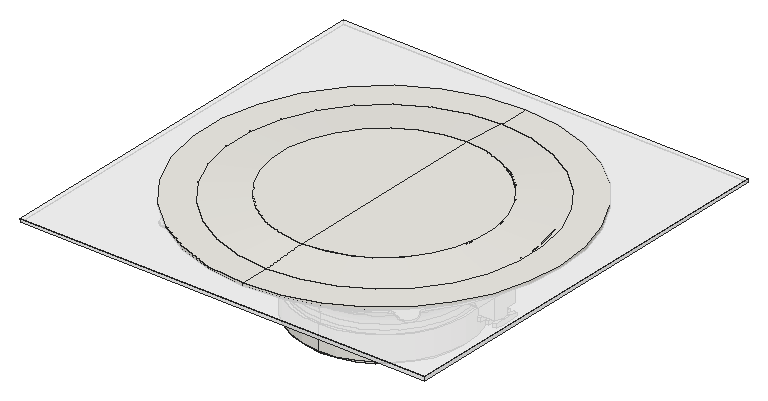
Revit family "PC-2852", category Communication Devices, host Face, Revit 2016
Family settings
  Host = Face
  Maintain Annotation Orientation = No
  Part Type = Normal
  Round Connector Dimension = Use Diameter
  OmniClass Number = 23.85.10.11.14
  OmniClass Title = Audio Equipment
  Cut with Voids When Loaded = Yes
  Shared = No
  Room Calculation Point = No
Parameters (values of type "PC-2852")
  r1 = Radius / 1.2  # 116.667 mm
  Weight = "1.6kg (3.53 lb)"
  URL = "http://toa.com.sg"
  Speaker Mounting Method = "Spring clamp"
  Speaker Component = "8\"(20cm) coaxial cone-type"
  Sensitivity = "96dB (1W, 1m)  (500 – 5,000Hz, pink noise)"
  Rated Input = "15W (100V line, 70V line)"
  Rated Impedance = "100V LINE: 670Ω (15W), 1kΩ (10W), 2kΩ (5W),3.3kΩ (3W),70V LINE: 330Ω (15W), 670Ω (7.5W), 1kΩ (5W), 2kΩ (2.5W), 3.3kΩ (1.5W)"
  Radius = Diameter / 2  # 140 mm
  Model Type = "Ceiling Mount Speakers"
  Model By = "BIMLIFE PTE LTD"  # constant formula
  Model = "PC-2852"
  Mesh = Mesh
  Manufacturer = "TOA Electronics Pte Ltd"  # constant formula
  Supplier Tel = "+65 6835 9119"  # constant formula
  Supplier Fax = "+65 6835 9559"  # constant formula
  Supplier Address = "491B River Valley Road, #19-03/04 Valley Point Office Tower, Singapore 248373"  # constant formula
  Supplier = "TOA Electronics Pte Ltd"  # constant formula
  Suppiler Email = "http://toa.com.sg"  # constant formula
  Material = OFF-WHITE
  Frequency Response = "45 – 20,000 Hz (peak -20dB)"
  Finish = "Baffle: Steel plate, off-white (RAL 9010 or equivalent colour), paint/Grille: Surface-treated steel plate net, off-white (RAL 9010 or equivalent colour), paint"
  Dimensions for fixing Hole = "Mounting hole: ø250 ±3mm (ø9.84\" ±0.12\"), Ceiling thickness: 5 – 25mm (0.2\" – 0.98\")"
  Dimension = "ø280 × 92(D)mm (ø11.02\" × 3.62\")"
  Diameter = 280 mm
  Default Elevation = 0 mm
  Copyright To = "TOA Electronics Pte Ltd"  # constant formula
  Connection = "Push-in connector (bridging terminal-2 branch type)"
  Applicable Cable = "600V vinyl-insulated cable (IV wire or HIV wire), Solid copper wire: ø0.8 – ø1.6mm (equivalent to AWG 20 – 14), 7-core twisted copper wire: 0.75 – 1.25mm2 (equivalent to AWG 18 – 16)"
Types (2, lengths in mm): name | r1 | Weight | Speaker Component | Sensitivity | Rated Input | Rated Impedance | Radius | Model Type | Model | Mesh | Frequency Response | Finish | Dimensions for fixing Hole | Dimension | Diameter | Connection | Applicable Cable
  PC-2852 | 116.667 | "1.6kg (3.53 lb)" | "8\"(20cm) coaxial cone-type" | "96dB (1W, 1m)  (500 – 5,000Hz, pink noise)" | "15W (100V line, 70V line)" | "100V LINE: 670Ω (15W), 1kΩ (10W), 2kΩ (5W),3.3kΩ (3W),70V LINE: 330Ω (15W), 670Ω (7.5W), 1kΩ (5W), 2kΩ (2.5W), 3.3kΩ (1.5W)" | 140 | "Ceiling Mount Speakers" | "PC-2852" | Mesh | "45 – 20,000 Hz (peak -20dB)" | "Baffle: Steel plate, off-white (RAL 9010 or equivalent colour), paint/Grille: Surface-treated steel plate net, off-white (RAL 9010 or equivalent colour), paint" | "Mounting hole: ø250 ±3mm (ø9.84\" ±0.12\"), Ceiling thickness: 5 – 25mm (0.2\" – 0.98\")" | "ø280 × 92(D)mm (ø11.02\" × 3.62\")" | 280 | "Push-in connector (bridging terminal-2 branch type)" | "600V vinyl-insulated cable (IV wire or HIV wire), Solid copper wire: ø0.8 – ø1.6mm (equivalent to AWG 20 – 14), 7-core twisted copper wire: 0.75 – 1.25mm2 (equivalent to AWG 18 – 16)"
  PC-658R | 80 | "500g" | "16cm (6\") cone-type" | "90dB (1W, 1m)" | "6W (100V line), 3W (70V line)" | "100V line: 1.7 kΩ (6W), 3.3KΩ (3W), 10kΩ (1W)\r\n70V line: 1.7kΩ (3W), 3.3kΩ (1.5W), 10kΩ (0.5W)" | 96 | "" | "PC-658R" | OFF-WHITE | "65– 18,000Hz" | "Baffle: Polyropylene resin, off-white paint\r\nGrille: Surface-treated steel plate net, off-white paint" | "Mounting hole: ø170 ± 5mm (ø6.69\"±0.2\")\r\nCeiling thickness: 5 – 25mm (0.2 – 0.98\")" | "ø192 x 73(D) mm" | 192 | "" | ""
Reference planes
  plane 1 "Center (Front/Back)": y = 0
  plane 2: z = 0
  plane 3 "Center (Left/Right)": x = 0
Forms (mm)
  Extrusion 1, solid, material "Surface"
    sketch origin (1.238, -13.929, 0) x (1, 0, 0) y (0, 1, 0)
      loop
        line (-161.238, 173.929) -> (-161.238, -146.071) -> (158.762, -146.071) -> (158.762, 173.929) -> (-161.238, 173.929)
    from 0 to -3
  Revolve 2, solid, material "Mesh" <- "Mesh"
    sketch origin (0, 0, 0) x (0, 1, 0) y (0, 0, 1)
      loop
        line (0, 1.8) -> (0, 4.2) -> (-81.667, 4.2)
        arc (-81.667, 4.2) -> (-99.208, 3.599) -> (-116.667, 1.8) r 256.408
        line (-116.667, 1.8) -> (0, 1.8)
      axis (0, 4.2) -> (0, 1.8)
    angle from 0 to 360
  Extrusion 3, solid, not visible
    sketch origin (43, 0, 0) x (0, -1, 0) y (0, 0, 1)
      loop
        line (-11, -15.693) -> (-11, -25.693) -> (12, -25.693) -> (12, -15.693) -> (-11, -15.693)
      loop
        circle (5.25, -20.693) r 2.5
      loop
        circle (0.5, -23.193) r 1.5
      loop
        circle (10, -23.193) r 1.5
      loop
        circle (0.5, -18.193) r 1.5
      loop
        circle (10, -18.193) r 1.5
      loop
        circle (-4.25, -20.693) r 2.5
      loop
        circle (-9, -23.193) r 1.5
      loop
        circle (-9, -18.193) r 1.5
    from -6 to -8.973
  Extrusion 4, solid, not visible
    sketch origin (43, 0, 0) x (0, -1, 0) y (0, 0, 1)
      loop
        line (-11, -15.693) -> (-11, -25.693) -> (12, -25.693) -> (12, -15.693) -> (-11, -15.693)
    from 0 to -6
  Extrusion 5, void
    sketch origin (0, 0, 0) x (-1, 0, 0) y (0, -1, 0)
      loop
        arc (30.881, 62.82) -> (34.541, 62.524) -> (37.417, 64.807) r 5
        line (37.417, 64.807) -> (50.922, 88.2)
        arc (50.922, 88.2) -> (51.388, 92.112) -> (48.877, 95.147) r 5
        arc (48.877, 95.147) -> (0, 106.967) -> (-48.877, 95.147) r 106.967
        arc (-48.877, 95.147) -> (-51.388, 92.112) -> (-50.922, 88.2) r 5
        line (-50.922, 88.2) -> (-37.417, 64.807)
        arc (-37.417, 64.807) -> (-34.541, 62.524) -> (-30.881, 62.82) r 5
        arc (-30.881, 62.82) -> (0, 70) -> (30.881, 62.82) r 70
    from -62.399 to -5.706
  Revolve 6, solid, material "OFF-WHITE" <- "Material"
    sketch origin (0, 0, 0) x (0, 1, 0) y (0, 0, 1)
      loop
        line (0, -79.325) -> (0, 0) -> (0, 1.8) -> (-140, 1.8) -> (-140, 0) -> (-112.895, 0)
        spline (-112.895, 0) -> (-105.857, -9.647) -> (-99.886, -17.253) -> (-94.666, -23.215) -> (-89.879, -27.933) -> (-85.21, -31.805) -> (-80.525, -35.154) -> (-75.949, -38.196) -> (-71.631, -41.14) -> (-67.72, -44.202) -> (-64.478, -48) -> (-62.308, -53.674) -> (-61.625, -62.399)
        line (-61.625, -62.399) -> (-61.625, -79.325) -> (0, -79.325)
      axis (0, 1.8) -> (0, -79.325)
    angle from 0 to 360
  Revolve 7, solid, material "OFF-WHITE" <- "Material"
    sketch origin (0, 0, 0) x (0, 1, 0) y (0, 0, 1)
      loop
        line (0, -81.413) -> (0, -79.325) -> (-61.8, -79.325) -> (-61.8, -57.367)
        spline (-61.8, -57.367) -> (-63.328, -50.679) -> (-66.1, -46.121) -> (-69.498, -42.929) -> (-72.949, -40.371) -> (-76.333, -38.027) -> (-79.781, -35.652) -> (-83.432, -33.008) -> (-87.419, -29.852) -> (-91.801, -25.972) -> (-96.546, -21.186) -> (-101.614, -15.314) -> (-106.967, -8.176)
        line (-106.967, -8.176) -> (-126.967, -8.176) -> (-126.967, -9.176) -> (-116.997, -9.176)
        arc (-116.997, -9.176) -> (-108.484, -11.085) -> (-101.601, -16.447) r 19.936
        arc (-101.601, -16.447) -> (-91.553, -26.955) -> (-80.053, -35.849) r 97.392
        arc (-80.053, -35.849) -> (-73.886, -40.122) -> (-67.917, -44.666) r 167.848
        arc (-67.917, -44.666) -> (-64.626, -48.558) -> (-63.069, -53.412) r 13.099
        arc (-63.069, -53.412) -> (-62.926, -55.602) -> (-63, -57.795) r 22.238
        line (-63, -57.795) -> (-63, -60.311) -> (-65, -60.311) -> (-65, -79.325) -> (-63, -79.325) -> (-63, -81.413) -> (0, -81.413)
      axis (0, -8.176) -> (0, -81.413)
    angle from 0 to 360
  Extrusion 8, void
    sketch origin (0, 0, 0) x (-1, 0, 0) y (0, -1, 0)
      loop
        arc (30.881, -62.82) -> (0, -70) -> (-30.881, -62.82) r 70
        arc (-30.881, -62.82) -> (-34.541, -62.524) -> (-37.417, -64.807) r 5
        line (-37.417, -64.807) -> (-50.922, -88.2)
        arc (-50.922, -88.2) -> (-51.388, -92.112) -> (-48.877, -95.147) r 5
        arc (-48.877, -95.147) -> (0, -106.967) -> (48.877, -95.147) r 106.967
        arc (48.877, -95.147) -> (51.388, -92.112) -> (50.922, -88.2) r 5
        line (50.922, -88.2) -> (37.417, -64.807)
        arc (37.417, -64.807) -> (34.541, -62.524) -> (30.881, -62.82) r 5
    from -62.399 to -5.706
  Extrusion 9, void
    sketch origin (0, 0, 0) x (0, 1, 0) y (-1, 0, 0)
      loop
        arc (30.881, -62.82) -> (0, -70) -> (-30.881, -62.82) r 70
        arc (-30.881, -62.82) -> (-34.541, -62.524) -> (-37.417, -64.807) r 5
        line (-37.417, -64.807) -> (-50.922, -88.2)
        arc (-50.922, -88.2) -> (-51.388, -92.112) -> (-48.877, -95.147) r 5
        arc (-48.877, -95.147) -> (0, -106.967) -> (48.877, -95.147) r 106.967
        arc (48.877, -95.147) -> (51.388, -92.112) -> (50.922, -88.2) r 5
        line (50.922, -88.2) -> (37.417, -64.807)
        arc (37.417, -64.807) -> (34.541, -62.524) -> (30.881, -62.82) r 5
    from -62.399 to -5.706
  Extrusion 10, void
    sketch origin (0, 0, 0) x (0, 1, 0) y (-1, 0, 0)
      loop
        arc (30.881, 62.82) -> (34.541, 62.524) -> (37.417, 64.807) r 5
        line (37.417, 64.807) -> (50.922, 88.2)
        arc (50.922, 88.2) -> (51.388, 92.112) -> (48.877, 95.147) r 5
        arc (48.877, 95.147) -> (0, 106.967) -> (-48.877, 95.147) r 106.967
        arc (-48.877, 95.147) -> (-51.388, 92.112) -> (-50.922, 88.2) r 5
        line (-50.922, 88.2) -> (-37.417, 64.807)
        arc (-37.417, 64.807) -> (-34.541, 62.524) -> (-30.881, 62.82) r 5
        arc (-30.881, 62.82) -> (0, 70) -> (30.881, 62.82) r 70
    from -62.399 to -5.706
  Extrusion 11, solid, material "OFF-WHITE" <- "Material"
    sketch origin (0, 0, 1.8) x (-0.707107, 0.707107, 0) y (-0.707107, -0.707107, 0)
      loop
        arc (10.995, -126.49) -> (0, -126.967) -> (-10.995, -126.49) r 126.967
        arc (-10.995, -126.49) -> (-8.86, -127.895) -> (-7.809, -130.224) r 4.585
        spline (-7.809, -130.224) -> (-7.224, -132.879) -> (-6.273, -135.262) -> (-5.005, -137.254) -> (-3.484, -138.753) -> (-1.787, -139.684) -> (0, -140) -> (1.787, -139.684) -> (3.484, -138.753) -> (5.005, -137.254) -> (6.273, -135.262) -> (7.224, -132.879) -> (7.809, -130.224)
        arc (7.809, -130.224) -> (8.86, -127.895) -> (10.995, -126.49) r 4.585
    from -10.976 to -9.976
  Extrusion 12, solid, material "OFF-WHITE" <- "Material"
    sketch origin (0, 0, 1.8) x (-0.707107, 0.707107, 0) y (-0.707107, -0.707107, 0)
      loop
        arc (10.995, 126.49) -> (8.86, 127.895) -> (7.809, 130.224) r 4.585
        spline (7.809, 130.224) -> (7.224, 132.879) -> (6.273, 135.262) -> (5.005, 137.254) -> (3.484, 138.753) -> (1.787, 139.684) -> (0, 140) -> (-1.787, 139.684) -> (-3.484, 138.753) -> (-5.005, 137.254) -> (-6.273, 135.262) -> (-7.224, 132.879) -> (-7.809, 130.224)
        arc (-7.809, 130.224) -> (-8.86, 127.895) -> (-10.995, 126.49) r 4.585
        arc (-10.995, 126.49) -> (0, 126.967) -> (10.995, 126.49) r 126.967
    from -10.976 to -9.976
  Extrusion 13, solid, material "OFF-WHITE" <- "Material"
    sketch origin (0, 0, 1.8) x (0.707107, 0.707107, 0) y (-0.707107, 0.707107, 0)
      loop
        arc (10.995, 126.49) -> (8.86, 127.895) -> (7.809, 130.224) r 4.585
        spline (7.809, 130.224) -> (7.224, 132.879) -> (6.273, 135.262) -> (5.005, 137.254) -> (3.484, 138.753) -> (1.787, 139.684) -> (0, 140) -> (-1.787, 139.684) -> (-3.484, 138.753) -> (-5.005, 137.254) -> (-6.273, 135.262) -> (-7.224, 132.879) -> (-7.809, 130.224)
        arc (-7.809, 130.224) -> (-8.86, 127.895) -> (-10.995, 126.49) r 4.585
        arc (-10.995, 126.49) -> (0, 126.967) -> (10.995, 126.49) r 126.967
    from -10.976 to -9.976
  Extrusion 14, solid, material "OFF-WHITE" <- "Material"
    sketch origin (0, 0, 1.8) x (0.707107, 0.707107, 0) y (-0.707107, 0.707107, 0)
      loop
        arc (10.995, -126.49) -> (0, -126.967) -> (-10.995, -126.49) r 126.967
        arc (-10.995, -126.49) -> (-8.86, -127.895) -> (-7.809, -130.224) r 4.585
        spline (-7.809, -130.224) -> (-7.224, -132.879) -> (-6.273, -135.262) -> (-5.005, -137.254) -> (-3.484, -138.753) -> (-1.787, -139.684) -> (0, -140) -> (1.787, -139.684) -> (3.484, -138.753) -> (5.005, -137.254) -> (6.273, -135.262) -> (7.224, -132.879) -> (7.809, -130.224)
        arc (7.809, -130.224) -> (8.86, -127.895) -> (10.995, -126.49) r 4.585
    from -10.976 to -9.976
  Extrusion 15, solid, material "OFF-WHITE" <- "Material"
    sketch origin (0, 0, 0) x (0, 1, 0) y (0, 0, 1)
      loop
        line (40.808, -28.268) -> (49.711, -9.176) -> (48.607, -9.176) -> (39.901, -27.845)
        arc (39.901, -27.845) -> (39.163, -28.687) -> (38.089, -29) r 2
        line (38.089, -29) -> (-38.089, -29)
        arc (-38.089, -29) -> (-39.163, -28.687) -> (-39.901, -27.845) r 2
        line (-39.901, -27.845) -> (-48.607, -9.176) -> (-49.711, -9.176) -> (-40.808, -28.268)
        arc (-40.808, -28.268) -> (-39.701, -29.53) -> (-38.089, -30) r 3
        line (-38.089, -30) -> (38.089, -30)
        arc (38.089, -30) -> (39.701, -29.53) -> (40.808, -28.268) r 3
    from -113.204 to -99.503
  Extrusion 16, solid, material "OFF-WHITE" <- "Material"
    sketch origin (0, 0, 0) x (1, 0, 0) y (0, 0, 1)
      loop
        line (-99.503, -30) -> (-113.204, -30) -> (-113.204, -35) -> (-121.204, -35) -> (-121.204, -61.674) -> (-120.204, -61.674) -> (-120.204, -55) -> (-113.204, -55) -> (-113.204, -62.399) -> (-99.503, -62.399) -> (-99.503, -55) -> (-96.503, -55) -> (-96.503, -35) -> (-99.503, -35) -> (-99.503, -30)
    from -28 to 28
  Extrusion 17, solid, material "OFF-WHITE" <- "Material"
    sketch origin (0, 0, 0) x (0, 1, 0) y (0, 0, -1)
      loop
        arc (31.097, 28.268) -> (29.99, 29.53) -> (28.378, 30) r 3
        line (28.378, 30) -> (-28.378, 30)
        arc (-28.378, 30) -> (-29.99, 29.53) -> (-31.097, 28.268) r 3
        line (-31.097, 28.268) -> (-40, 9.176) -> (40, 9.176) -> (31.097, 28.268)
    from -98.1 to -81.668
  Extrusion 18, solid, material "OFF-WHITE" <- "Material"
    sketch origin (98.1, 0, 0) x (0, -1, 0) y (0, 0, -1)
      loop
        line (10, 30) -> (10, 49.068) -> (1.189, 50.311) -> (-2.578, 50.311) -> (-2.578, 45.363) -> (-10, 44.451) -> (-10, 30) -> (10, 30)
    from -15.549 to -2.905
  Extrusion 19, solid, material "OFF-WHITE" <- "Material"
    sketch origin (97.216, 0, 0) x (0, -1, 0) y (0, 0, -1)
      loop
        line (-10, 53.257) -> (-10, 50.782) -> (-2.578, 49.482) -> (-2.578, 50.311) -> (1.189, 50.311) -> (4.034, 49.91) -> (10, 50.311) -> (10, 53.257) -> (6.486, 53.257) -> (6.486, 52.33) -> (5.559, 52.33) -> (5.559, 53.257) -> (-5.559, 53.257) -> (-5.559, 52.33) -> (-6.486, 52.33) -> (-6.486, 53.257) -> (-10, 53.257)
    from 0 to -3
  Extrusion 20, solid, material "OFF-WHITE" <- "Material"
    sketch origin (90.916, 0, 0) x (0, -1, 0) y (0, 0, -1)
      loop
        line (-10, 53.257) -> (-10, 50.782) -> (-2.578, 49.482) -> (-2.578, 50.311) -> (1.189, 50.311) -> (4.034, 49.91) -> (10, 50.311) -> (10, 53.257) -> (6.486, 53.257) -> (6.486, 52.33) -> (5.559, 52.33) -> (5.559, 53.257) -> (-5.559, 53.257) -> (-5.559, 52.33) -> (-6.486, 52.33) -> (-6.486, 53.257) -> (-10, 53.257)
    from 0 to -3
  Extrusion 21, solid, material "OFF-WHITE" <- "Material"
    sketch origin (84.668, 0, 0) x (0, -1, 0) y (0, 0, -1)
      loop
        line (-10, 53.257) -> (-10, 50.782) -> (-2.578, 49.482) -> (-2.578, 50.311) -> (1.189, 50.311) -> (4.034, 49.91) -> (10, 50.311) -> (10, 53.257) -> (6.486, 53.257) -> (6.486, 52.33) -> (5.559, 52.33) -> (5.559, 53.257) -> (-5.559, 53.257) -> (-5.559, 52.33) -> (-6.486, 52.33) -> (-6.486, 53.257) -> (-10, 53.257)
    from 0 to -3
Cuts and joins
  Extrusion 5, Extrusion 8, Extrusion 9, Extrusion 10 cuts Revolve 7
  joined: Revolve 7, Extrusion 11, Extrusion 12, Extrusion 13, Extrusion 14
  joined: Revolve 6, Extrusion 17, Extrusion 18, Extrusion 19, Extrusion 20, Extrusion 21
Dimensions and locks
  "r1": Revolve 2 sketch curve to Revolve 2 sketch curve
  "Radius": Revolve 6 sketch curve to Revolve 6 sketch curve
  aligned and locked: plane 2 to Extrusion 1
  aligned and locked: level to Extrusion 1
Automatic sketch dimensions
  Extrusion 1 sketch curve to Extrusion 1 sketch curve = 320 mm  (x2)
  Extrusion 5 sketch curve to Extrusion 5 sketch curve = 0 mm  (x4)
  plane 1 "Center (Front/Back)" to Extrusion 5 sketch curve = 0 mm
  Extrusion 5 sketch curve to plane 3 "Center (Left/Right)" = 0 mm
  plane 3 "Center (Left/Right)" to Extrusion 5 sketch curve = 33.086 mm
  Extrusion 5 sketch curve to Extrusion 5 sketch curve = 4.33 mm  (x4)
  Extrusion 5 sketch curve to Extrusion 5 sketch curve = 13.506 mm  (x2)
  Extrusion 5 sketch curve to plane 3 "Center (Left/Right)" = 33.086 mm
  plane 1 "Center (Front/Back)" to Extrusion 5 sketch curve = 64.807 mm  (x2)
  Extrusion 5 sketch curve to Extrusion 5 sketch curve = 2.5 mm  (x4)
  Extrusion 5 sketch curve to Extrusion 5 sketch curve = 23.392 mm  (x2)
  Revolve 7 sketch curve to plane 1 "Center (Front/Back)" = 0 mm  (x2)
  plane 1 "Center (Front/Back)" to Revolve 7 sketch curve = 26.385 mm
  plane 1 "Center (Front/Back)" to Revolve 7 sketch curve = 61.8 mm
  Revolve 7 sketch curve to Revolve 7 sketch curve = 1.2 mm  (x2)
  Revolve 7 sketch curve to Revolve 7 sketch curve = 2 mm
  Revolve 7 sketch curve to Revolve 7 sketch curve = 11.083 mm
  Revolve 7 sketch curve to Revolve 7 sketch curve = 9.079 mm
  Revolve 7 sketch curve to level = 8.176 mm
  Revolve 7 sketch curve to Revolve 7 sketch curve = 21.805 mm
  Revolve 7 sketch curve to Revolve 7 sketch curve = 10.031 mm
  Revolve 7 sketch curve to Revolve 7 sketch curve = 9.969 mm
  Revolve 7 sketch curve to Revolve 7 sketch curve = 107.545 mm
  Revolve 7 sketch curve to level = 9.176 mm
  Revolve 7 sketch curve to Revolve 7 sketch curve = 19.936 mm
  Revolve 7 sketch curve to Revolve 7 sketch curve = 25.797 mm
  Revolve 7 sketch curve to Revolve 7 sketch curve = 1.044 mm
  Revolve 7 sketch curve to Revolve 7 sketch curve = 2.458 mm
  Revolve 7 sketch curve to Revolve 7 sketch curve = 0.428 mm
  Revolve 7 sketch curve to Revolve 7 sketch curve = 2.516 mm
  Revolve 7 sketch curve to Revolve 7 sketch curve = 19.014 mm
  Revolve 7 sketch curve to Revolve 7 sketch curve = 0 mm  (x4)
  Revolve 7 sketch curve to Revolve 7 sketch curve = 2.087 mm
  Revolve 7 sketch curve to Revolve 7 sketch curve = 96.589 mm
  level to Revolve 7 sketch curve = 45.422 mm
  Revolve 7 sketch curve to Revolve 7 sketch curve = 29.387 mm
  Revolve 7 sketch curve to Revolve 7 sketch curve = 11.222 mm
  Extrusion 8 sketch curve to Extrusion 8 sketch curve = 0 mm  (x4)
  plane 1 "Center (Front/Back)" to Extrusion 8 sketch curve = 0 mm
  Extrusion 8 sketch curve to plane 3 "Center (Left/Right)" = 0 mm
  Extrusion 8 sketch curve to plane 3 "Center (Left/Right)" = 33.086 mm
  Extrusion 8 sketch curve to Extrusion 8 sketch curve = 4.33 mm  (x4)
  Extrusion 8 sketch curve to Extrusion 8 sketch curve = 13.506 mm  (x2)
  plane 3 "Center (Left/Right)" to Extrusion 8 sketch curve = 33.086 mm
  plane 1 "Center (Front/Back)" to Extrusion 8 sketch curve = 64.807 mm  (x2)
  Extrusion 8 sketch curve to Extrusion 8 sketch curve = 2.5 mm  (x4)
  Extrusion 8 sketch curve to Extrusion 8 sketch curve = 23.392 mm  (x2)
  Extrusion 9 sketch curve to Extrusion 9 sketch curve = 0 mm  (x4)
  plane 1 "Center (Front/Back)" to Extrusion 9 sketch curve = 0 mm
  Extrusion 9 sketch curve to plane 3 "Center (Left/Right)" = 0 mm
  Extrusion 9 sketch curve to plane 1 "Center (Front/Back)" = 33.086 mm
  Extrusion 9 sketch curve to Extrusion 9 sketch curve = 4.33 mm  (x4)
  Extrusion 9 sketch curve to Extrusion 9 sketch curve = 13.506 mm  (x2)
  plane 1 "Center (Front/Back)" to Extrusion 9 sketch curve = 33.086 mm
  Extrusion 9 sketch curve to plane 3 "Center (Left/Right)" = 64.807 mm  (x2)
  Extrusion 9 sketch curve to Extrusion 9 sketch curve = 2.5 mm  (x4)
  Extrusion 9 sketch curve to Extrusion 9 sketch curve = 23.392 mm  (x2)
  Extrusion 10 sketch curve to Extrusion 10 sketch curve = 0 mm  (x4)
  plane 1 "Center (Front/Back)" to Extrusion 10 sketch curve = 0 mm
  Extrusion 10 sketch curve to plane 3 "Center (Left/Right)" = 0 mm
  plane 1 "Center (Front/Back)" to Extrusion 10 sketch curve = 33.086 mm
  Extrusion 10 sketch curve to Extrusion 10 sketch curve = 4.33 mm  (x4)
  Extrusion 10 sketch curve to Extrusion 10 sketch curve = 13.506 mm  (x2)
  Extrusion 10 sketch curve to plane 1 "Center (Front/Back)" = 33.086 mm
  Extrusion 10 sketch curve to plane 3 "Center (Left/Right)" = 64.807 mm  (x2)
  Extrusion 10 sketch curve to Extrusion 10 sketch curve = 2.5 mm  (x4)
  Extrusion 10 sketch curve to Extrusion 10 sketch curve = 23.392 mm  (x2)
  Extrusion 11 sketch curve to Extrusion 11 sketch curve = 12.348 mm  (x2)
  Extrusion 11 sketch curve to Extrusion 11 sketch curve = 24.696 mm
  Extrusion 11 sketch curve to Extrusion 11 sketch curve = 130.87 mm
  Extrusion 11 sketch curve to Extrusion 11 sketch curve = 0 mm
  Extrusion 11 sketch curve to Extrusion 11 sketch curve = 4.539 mm  (x2)
  Extrusion 11 sketch curve to Extrusion 11 sketch curve = 1.353 mm
  Extrusion 11 sketch curve to Extrusion 11 sketch curve = 11.465 mm
  Extrusion 11 sketch curve to Extrusion 11 sketch curve = 2.711 mm
  Extrusion 12 sketch curve to Extrusion 12 sketch curve = 12.348 mm  (x2)
  Extrusion 12 sketch curve to Extrusion 12 sketch curve = 24.696 mm
  Extrusion 12 sketch curve to Extrusion 12 sketch curve = 130.87 mm
  Extrusion 12 sketch curve to Extrusion 12 sketch curve = 0 mm
  Extrusion 12 sketch curve to Extrusion 12 sketch curve = 4.539 mm  (x2)
  Extrusion 12 sketch curve to Extrusion 12 sketch curve = 1.353 mm
  Extrusion 12 sketch curve to Extrusion 12 sketch curve = 11.465 mm
  Extrusion 12 sketch curve to Extrusion 12 sketch curve = 2.711 mm
  Extrusion 13 sketch curve to Extrusion 13 sketch curve = 12.348 mm  (x2)
  Extrusion 13 sketch curve to Extrusion 13 sketch curve = 24.696 mm
  Extrusion 13 sketch curve to Extrusion 13 sketch curve = 130.87 mm
  Extrusion 13 sketch curve to Extrusion 13 sketch curve = 0 mm
  Extrusion 13 sketch curve to Extrusion 13 sketch curve = 4.539 mm  (x2)
  Extrusion 13 sketch curve to Extrusion 13 sketch curve = 1.353 mm
  Extrusion 13 sketch curve to Extrusion 13 sketch curve = 11.465 mm
  Extrusion 13 sketch curve to Extrusion 13 sketch curve = 2.711 mm
  Extrusion 14 sketch curve to Extrusion 14 sketch curve = 12.348 mm  (x2)
  Extrusion 14 sketch curve to Extrusion 14 sketch curve = 24.696 mm
  Extrusion 14 sketch curve to Extrusion 14 sketch curve = 130.87 mm
  Extrusion 14 sketch curve to Extrusion 14 sketch curve = 0 mm
  Extrusion 14 sketch curve to Extrusion 14 sketch curve = 4.539 mm  (x2)
  Extrusion 14 sketch curve to Extrusion 14 sketch curve = 1.353 mm
  Extrusion 14 sketch curve to Extrusion 14 sketch curve = 11.465 mm
  Extrusion 14 sketch curve to Extrusion 14 sketch curve = 2.711 mm
  Extrusion 15 sketch curve to Extrusion 15 sketch curve = 0 mm  (x4)
  Extrusion 15 sketch curve to level = 9.176 mm  (x2)
  plane 1 "Center (Front/Back)" to Extrusion 15 sketch curve = 49.711 mm
  Extrusion 15 sketch curve to Extrusion 15 sketch curve = 1.103 mm  (x2)
  Extrusion 15 sketch curve to Extrusion 15 sketch curve = 7.799 mm
  Extrusion 15 sketch curve to Extrusion 15 sketch curve = 0.906 mm  (x2)
  Extrusion 15 sketch curve to Extrusion 15 sketch curve = 1.813 mm  (x2)
  Extrusion 15 sketch curve to plane 1 "Center (Front/Back)" = 38.089 mm
  Extrusion 15 sketch curve to level = 27.845 mm
  Extrusion 15 sketch curve to level = 28.268 mm
  Extrusion 15 sketch curve to Extrusion 15 sketch curve = 8.706 mm
  Extrusion 15 sketch curve to Extrusion 15 sketch curve = 19.092 mm
  Extrusion 15 sketch curve to Extrusion 15 sketch curve = 1.155 mm
  Extrusion 16 sketch curve to plane 3 "Center (Left/Right)" = 121.204 mm
  Extrusion 16 sketch curve to Extrusion 16 sketch curve = 1 mm
  Extrusion 16 sketch curve to Extrusion 16 sketch curve = 8 mm
  Extrusion 16 sketch curve to Extrusion 16 sketch curve = 7 mm
  Extrusion 16 sketch curve to Extrusion 16 sketch curve = 13.701 mm  (x2)
  Extrusion 16 sketch curve to Extrusion 16 sketch curve = 3 mm
  Extrusion 16 sketch curve to level = 62.399 mm
  Extrusion 16 sketch curve to Extrusion 16 sketch curve = 0.724 mm
  Extrusion 16 sketch curve to Extrusion 16 sketch curve = 7.399 mm  (x2)
  Extrusion 16 sketch curve to Extrusion 16 sketch curve = 20 mm
  Extrusion 16 sketch curve to Extrusion 16 sketch curve = 0 mm
  Extrusion 16 sketch curve to Extrusion 16 sketch curve = 5 mm
  Extrusion 17 sketch curve to level = 9.176 mm
  plane 1 "Center (Front/Back)" to Extrusion 17 sketch curve = 40 mm
  Extrusion 17 sketch curve to Extrusion 17 sketch curve = 8.903 mm  (x2)
  Extrusion 17 sketch curve to Extrusion 17 sketch curve = 2.719 mm  (x2)
  Extrusion 17 sketch curve to plane 1 "Center (Front/Back)" = 28.378 mm
  Extrusion 17 sketch curve to Extrusion 17 sketch curve = 17.824 mm  (x2)
  Extrusion 17 sketch curve to Extrusion 17 sketch curve = 1.268 mm
  Extrusion 17 to Extrusion 18 sketch curve = 0 mm
  Extrusion 18 sketch curve to Extrusion 17 = 18.388 mm
  Extrusion 18 sketch curve to Extrusion 18 sketch curve = 7.422 mm
  Extrusion 17 to Extrusion 18 sketch curve = 19.068 mm
  Extrusion 18 sketch curve to Extrusion 18 sketch curve = 12.578 mm
  Extrusion 17 to Extrusion 18 sketch curve = 14.451 mm
  Extrusion 18 sketch curve to Extrusion 18 sketch curve = 0.911 mm
  Extrusion 18 sketch curve to Extrusion 18 sketch curve = 4.948 mm
  Extrusion 18 sketch curve to Extrusion 18 sketch curve = 3.767 mm
  Extrusion 19 sketch curve to plane 1 "Center (Front/Back)" = 10 mm
  Extrusion 19 sketch curve to Extrusion 19 sketch curve = 3.514 mm  (x2)
  Extrusion 19 sketch curve to Extrusion 19 sketch curve = 0.927 mm  (x2)
  Extrusion 19 sketch curve to plane 1 "Center (Front/Back)" = 2.578 mm
  plane 1 "Center (Front/Back)" to Extrusion 19 sketch curve = 1.189 mm
  Extrusion 19 sketch curve to Extrusion 19 sketch curve = 2.845 mm
  Extrusion 19 sketch curve to Extrusion 19 sketch curve = 1.525 mm
  Extrusion 19 sketch curve to level = 49.482 mm
  Extrusion 19 sketch curve to Extrusion 19 sketch curve = 0.428 mm
  Extrusion 19 sketch curve to Extrusion 19 sketch curve = 0.401 mm  (x2)
  Extrusion 19 sketch curve to Extrusion 19 sketch curve = 0.471 mm
  Extrusion 19 sketch curve to Extrusion 19 sketch curve = 2.421 mm
  Extrusion 19 sketch curve to Extrusion 19 sketch curve = 1.549 mm
  Extrusion 19 sketch curve to Extrusion 19 sketch curve = 0.926 mm  (x2)
  Extrusion 19 sketch curve to Extrusion 19 sketch curve = 2.945 mm
  Extrusion 20 sketch curve to plane 1 "Center (Front/Back)" = 10 mm
  Extrusion 20 sketch curve to Extrusion 20 sketch curve = 3.514 mm  (x2)
  Extrusion 20 sketch curve to Extrusion 20 sketch curve = 0.927 mm  (x2)
  Extrusion 20 sketch curve to plane 1 "Center (Front/Back)" = 2.578 mm
  plane 1 "Center (Front/Back)" to Extrusion 20 sketch curve = 1.189 mm
  Extrusion 20 sketch curve to Extrusion 20 sketch curve = 2.845 mm
  Extrusion 20 sketch curve to Extrusion 20 sketch curve = 1.525 mm
  Extrusion 20 sketch curve to level = 49.482 mm
  Extrusion 20 sketch curve to Extrusion 20 sketch curve = 0.428 mm
  Extrusion 20 sketch curve to Extrusion 20 sketch curve = 0.401 mm  (x2)
  Extrusion 20 sketch curve to Extrusion 20 sketch curve = 0.471 mm
  Extrusion 20 sketch curve to Extrusion 20 sketch curve = 2.421 mm
  Extrusion 20 sketch curve to Extrusion 20 sketch curve = 1.549 mm
  Extrusion 20 sketch curve to Extrusion 20 sketch curve = 0.926 mm  (x2)
  Extrusion 20 sketch curve to Extrusion 20 sketch curve = 2.945 mm
  Extrusion 21 sketch curve to plane 1 "Center (Front/Back)" = 10 mm
  Extrusion 21 sketch curve to Extrusion 21 sketch curve = 3.514 mm  (x2)
  Extrusion 21 sketch curve to Extrusion 21 sketch curve = 0.927 mm  (x2)
  Extrusion 21 sketch curve to plane 1 "Center (Front/Back)" = 2.578 mm
  plane 1 "Center (Front/Back)" to Extrusion 21 sketch curve = 1.189 mm
  Extrusion 21 sketch curve to Extrusion 21 sketch curve = 2.845 mm
  Extrusion 21 sketch curve to Extrusion 21 sketch curve = 1.525 mm
  Extrusion 21 sketch curve to level = 49.482 mm
  Extrusion 21 sketch curve to Extrusion 21 sketch curve = 0.428 mm
  Extrusion 21 sketch curve to Extrusion 21 sketch curve = 0.401 mm  (x2)
  Extrusion 21 sketch curve to Extrusion 21 sketch curve = 0.471 mm
  Extrusion 21 sketch curve to Extrusion 21 sketch curve = 2.421 mm
  Extrusion 21 sketch curve to Extrusion 21 sketch curve = 1.549 mm
  Extrusion 21 sketch curve to Extrusion 21 sketch curve = 0.926 mm  (x2)
  Extrusion 21 sketch curve to Extrusion 21 sketch curve = 2.945 mm
  Revolve 2 sketch curve to plane 1 "Center (Front/Back)" = 0 mm  (x2)
  level to Revolve 2 sketch curve = 4.2 mm
  Revolve 2 sketch curve to Revolve 2 sketch curve = 35 mm
  level to Revolve 2 sketch curve = 1.8 mm
  Revolve 2 sketch curve to Revolve 2 sketch curve = 357.392 mm
  Revolve 2 sketch curve to Revolve 2 sketch curve = 363.569 mm
  Revolve 6 sketch curve to level = 0 mm  (x2)
  Revolve 6 sketch curve to plane 1 "Center (Front/Back)" = 0 mm  (x2)
  Revolve 6 sketch curve to Revolve 6 sketch curve = 27.105 mm
  plane 1 "Center (Front/Back)" to Revolve 6 sketch curve = 61.625 mm
  Revolve 6 sketch curve to level = 62.399 mm
  Revolve 6 sketch curve to Revolve 6 sketch curve = 16.926 mm
  level to Revolve 6 sketch curve = 1.8 mm
  Revolve 6 sketch curve to Revolve 6 sketch curve = 32.343 mm
  Revolve 6 sketch curve to Revolve 6 sketch curve = 66.218 mm
  radius of Extrusion 11 sketch curve to Revolve 6 = 13.033 mm
  radius of Extrusion 12 sketch curve to Revolve 6 = 13.033 mm
  radius of Extrusion 13 sketch curve to Revolve 6 = 13.033 mm
  radius of Extrusion 14 sketch curve to Revolve 6 = 13.033 mm
